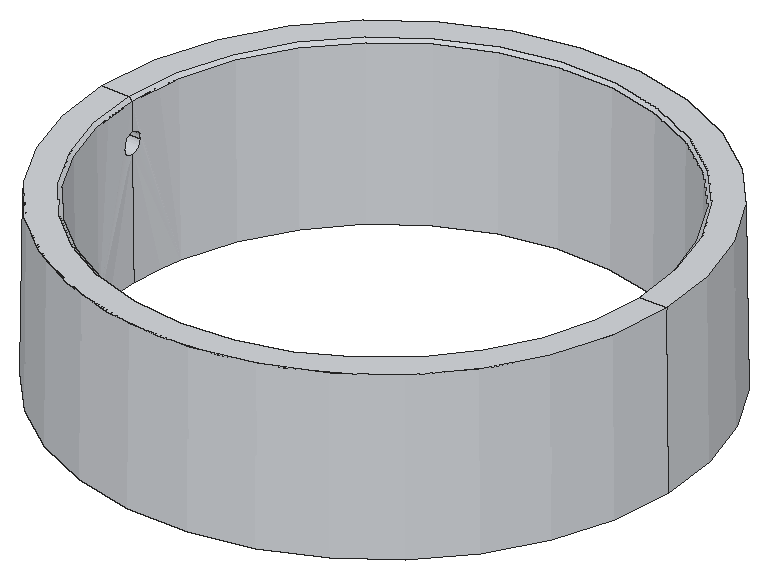
Revit family "Кольцо 1500х490 без замка КС 15.5", category Обобщенные модели, Revit 2023
Family settings
  Может служить основой для арматурных стержней = Нет
  Размер круглого соединителя = Использовать диаметр
  Тип детали = Нормальный
  На основе рабочей плоскости = Нет
  Всегда вертикально = Да
  При загрузке вырезать с полостями = Нет
  Сохранять ориентацию аннотаций = Нет
  Общий = Нет
  Точка принадлежности помещению = Нет
Parameters (values of type "Кольцо 1500х490 без замка КС 15.5")
  фаска = 10 mm
  толщ_на_h2_расч = (t1 - t2) / 2 * (h1 + h2) / ADSK_Размер_Высота + 10 mm  # 16.888 mm
  толщ_на_h1_расч = (t1 - t2) / 2 * h1 / ADSK_Размер_Высота + 10 mm  # 13.776 mm
  сужение_низ = 5 mm
  вырез2 = no
  вырез1 = yes
  Отметка по умолчанию = 0 mm
  t2 = 90 mm
  t1 = 100 mm
  h2 = 305 mm
  h1 = 370 mm
  ADSK_Размер_Диаметр = 1500 mm
  ADSK_Размер_Высота = 490 mm
  ADSK_Масса = 586
Reference planes
  plane 1 "По центру (Вперед/Назад)": y = 0
  plane 2: z = 0
  plane 3 "По центру (Влево/Вправо)": x = 0
  plane 4: x = 750
  plane 5: x = -750
  plane 6: y = 750
  plane 7: y = -750
  plane 8: z = 490
  plane 9: x = -845
  plane 10: x = 845
  plane 11: y = 845
  plane 12: y = -845
  plane 13: y = 840
  plane 14: y = -840
  plane 15: x = -840
  plane 16: x = 840
  plane 17: z = 370
  plane 18: z = 675
  plane 19: y = 745
  plane 20: y = -745
  plane 21: x = -745
  plane 22: x = 745
  plane 23: x = -828.112
  plane 24: x = -831.224
  plane 25: x = 828.112
  plane 26: x = 831.224
  plane 27: x = -760
  plane 28: z = 480
Forms (mm)
  Extrusion 1, void, detail levels medium+fine
    sketch origin (0, 0, 0) x (0, -1, 0) y (0, 0, 1)
      loop
        circle (0, 370) r 30
    from -831.224 to 831.224
  Revolve 2, solid
    sketch origin (0, 0, 0) x (1, 0, 0) y (0, 0, 1)
      loop
        line (-845, 0) -> (-745, 0) -> (-750, 480) -> (-760, 490) -> (-840, 490) -> (-845, 0)
      axis (0, 490) -> (0, 0)
    angle from 0 to 360
Cuts and joins
  Extrusion 1 cuts Revolve 2
Dimensions and locks
  equal spacing: plane 5, plane 3 "По центру (Влево/Вправо)", plane 4
  equal spacing: plane 7, plane 1 "По центру (Вперед/Назад)", plane 6
  "ADSK_Размер_Диаметр": plane 5 to plane 4
  "ADSK_Размер_Диаметр": plane 7 to plane 6
  "t1": plane 9 to plane 21
  "t1": plane 22 to plane 10
  "t2": plane 6 to plane 13
  "t2": plane 14 to plane 7
  "t2": plane 15 to plane 5
  "t2": plane 4 to plane 16
  "h1": plane 17 to level
  "h2": plane 18 to plane 17
  "ADSK_Размер_Высота": plane 8 to level
  "сужение_низ": plane 5 to plane 21
  "сужение_низ": plane 22 to plane 4
  "сужение_низ": plane 19 to plane 6
  "сужение_низ": plane 7 to plane 20
  "t1": plane 12 to plane 20
  "t1": plane 19 to plane 11
  "толщ_на_h2_расч": plane 23 to plane 9
  "толщ_на_h1_расч": plane 24 to plane 9
  "толщ_на_h2_расч": plane 10 to plane 25
  "толщ_на_h1_расч": plane 10 to plane 26
  "фаска": plane 8 to plane 28
  "фаска": plane 5 to plane 27
  aligned and locked: level to plane 2
  aligned and locked: Extrusion 1 to plane 24
  aligned and locked: plane 26 to Extrusion 1
Automatic sketch dimensions
  Extrusion 1 sketch curve to plane 1 "По центру (Вперед/Назад)" = 0 mm
  Extrusion 1 sketch curve to plane 17 = 0 mm
  Revolve 2 sketch curve to level = 0 mm
  Revolve 2 sketch curve to plane 9 = 0 mm
  Revolve 2 sketch curve to plane 8 = 0 mm
  Revolve 2 sketch curve to plane 15 = 0 mm
  Revolve 2 sketch curve to plane 27 = 0 mm
  Revolve 2 sketch curve to plane 5 = 0 mm
  Revolve 2 sketch curve to plane 21 = 0 mm
  Revolve 2 sketch curve to plane 28 = 0 mm
  radius of Extrusion 1 sketch curve = 30 mm
